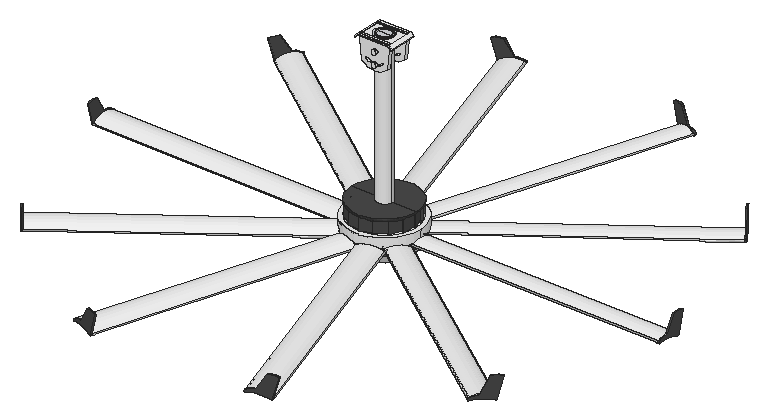
Revit family
Parameters
  Ceiling Mount Material = none
Reference planes (in)
  plane 1 "Center (Front/Back)": y = 71.89952
  plane 2: z = 0
  plane 3 "Center (Left/Right)": x = 0.53907
  plane 4: through (0.53977, 71.91109, -47.875) normal (-0.7071, 0.7071, 0)
  plane 5: through (0.53977, 71.91109, -47.875) normal (-0.7071, -0.7071, 0)
  plane 6: through (0.53977, 71.91109, -47.875) normal (0.7071, 0.7071, 0)
  plane 7: through (0.53977, 71.91109, -47.875) normal (0.7071, -0.7071, 0)
  plane 8: through (0.53977, 71.91109, -47.875) normal (-0.9239, 0.3827, 0)
  plane 9: through (0.53977, 71.91109, -47.875) normal (-0.9239, -0.3827, 0)
  plane 10: through (0.53977, 71.91109, -47.875) normal (0.9239, 0.3827, 0)
  plane 11: through (0.53977, 71.91109, -47.875) normal (0.9239, -0.3827, 0)
  plane 12: through (0.53977, 71.91109, -47.875) normal (-0.3827, 0.9239, 0)
  plane 13: through (0.53977, 71.91109, -47.875) normal (0.3827, 0.9239, 0)
  plane 14: through (0.53977, 71.91109, -47.875) normal (-0.3827, -0.9239, 0)
  plane 15: through (0.53977, 71.91109, -47.875) normal (0.3827, -0.9239, 0)
Forms (in)
  Revolve 1, solid, material <- "Ceiling Mount Material"
    sketch origin (0.53977, 71.91109, -96) x (1, 0, 0) y (0, 0, 1)
      loop
        line (0, 96) -> (-2.40625, 96) -> (-2.40625, 94.72313) -> (0, 93.60108) -> (0, 96)
      axis (0, 96) -> (0, 93.60108)
    angle from 0 to 360
  Extrusion 2, solid, material "Metal - Chrome"
    sketch origin (0.53977, 71.91109, -95.875) x (1, 0, 0) y (0, 1, 0)
      loop
        circle (0, 0) r 9.5
      loop
        circle (0, 0) r 8.5
    from 50.92047 to 53.3206
  Extrusion 3, solid, material "Metal - Chrome 3"
    sketch origin (0.53977, 71.91109, -95.875) x (1, 0, 0) y (0, 1, 0)
      loop
        circle (0, 0) r 7
      loop
        line (-8.21166, 0) -> (-7.00909, -2.90326) -> (-7.58658, -3.14246) -> (-5.36452, -5.36452) -> (-5.80652, -5.80652) -> (-2.90326, -7.00909) -> (-3.14246, -7.58658) -> (0, -7.58658) -> (0, -8.21166) -> (2.90326, -7.00909) -> (3.14246, -7.58658) -> (5.36452, -5.36452) -> (5.80652, -5.80652) -> (7.00909, -2.90326) -> (7.58658, -3.14246) -> (7.58658, 0) -> (8.21166, 0) -> (7.00909, 2.90326) -> (7.58658, 3.14246) -> (5.36452, 5.36452) -> (5.80652, 5.80652) -> (2.90326, 7.00909) -> (3.14246, 7.58658) -> (0, 7.58658) -> (0, 8.21166) -> (-2.90326, 7.00909) -> (-3.14246, 7.58658) -> (-5.36452, 5.36452) -> (-5.83363, 5.83363) -> (-7.00909, 2.90326) -> (-7.58658, 3.14246) -> (-7.58658, 0) -> (-8.21166, 0)
    from 53.3206 to 56.42047
  Revolve 4, solid, material "Metal - Chrome 1"
    sketch origin (0.53977, 71.91109, -95.875) x (1, 0, 0) y (0, 0, 1)
      loop
        arc (-9.5, 49.14541) -> (-5.43697, 45.34356) -> (-0.01159, 44.10761) r 10.65771
        line (-0.01159, 44.10761) -> (-0.01159, 49.14541) -> (-9.5, 49.14541)
      axis (0, 49.14541) -> (0, 44.10761)
    angle from 0 to 360
  Revolve 5, solid, material "Metal - Chrome 3"
    sketch origin (0.53977, 71.91109, -95.9375) x (1, 0, 0) y (0, 0, 1)
      loop
        line (-3.2881, 44.56611) -> (-3.2881, 44.37399) -> (-2.75325, 44.37399)
        arc (-2.75325, 44.37399) -> (-1.39585, 44.04374) -> (0, 43.98704) r 7.06499
        line (0, 43.98704) -> (0, 44.56611) -> (-3.2881, 44.56611)
      axis (0, 44.56611) -> (0, 43.98704)
    angle from 0 to 360
  Revolve 6, solid, material "Metal - Chrome 3"
    sketch origin (0.53977, 71.91109, -95.875) x (1, 0, 0) y (0, 0, 1)
      loop
        line (-8.0625, 56.47507) -> (0, 56.47507) -> (0, 57.12611) -> (-8.48529, 57.12611)
        arc (-8.48529, 57.12611) -> (-8.38748, 56.72683) -> (-8.0625, 56.47507) r 0.62391
      axis (0, 57.12611) -> (0, 56.47507)
    angle from 0 to 360
  Extrusion 7, solid, material "Metal - Chrome 2"
    sketch origin (0.53977, 71.91109, -96) x (1, 0, 0) y (0, 1, 0)
      loop
        circle (0, 0) r 2
      loop
        circle (0, 0) r 1.75
    from 53.3206 to 96
  Extrusion 8, solid, material "Metal - Chrome 2"
    sketch origin (0.53977, 71.91109, -96) x (1, 0, 0) y (0, 0, 1)
      loop
        line (-4.80927, 95.25058) -> (-4.63249, 95.0738) -> (-3.92538, 95.78091) -> (3.94629, 95.78091) -> (4.64295, 95.08425) -> (4.81972, 95.26103) -> (4.08075, 96) -> (-4.05984, 96) -> (-4.80927, 95.25058)
    from -3.60387 to 3.73167
  Extrusion 9, solid, material "Metal - Chrome 2"
    sketch origin (0.53977, 71.91109, -96) x (1, 0, 0) y (0, 0, 1)
      loop
        line (-3.97662, 96) -> (-3.97662, 94.75) -> (-3.37771, 89.87223)
        arc (-3.37771, 89.87223) -> (-0.00678, 88.52676) -> (3.36415, 89.87223) r 4.8955
        line (3.36415, 89.87223) -> (3.94303, 94.58682) -> (3.94303, 96) -> (-3.97662, 96)
      loop
        arc (-1.92245, 91.01505) -> (-2.32161, 90.98032) -> (-2.28376, 90.58144) r 0.28222
        arc (-2.28376, 90.58144) -> (0.0022, 89.65625) -> (2.28692, 90.58451) r 3.28125
        arc (2.28692, 90.58451) -> (2.31915, 90.9574) -> (1.95474, 91.04279) r 0.28596
        arc (1.95474, 91.04279) -> (0.02129, 90.31067) -> (-1.92245, 91.01505) r 2.97538
    from 2.4684 to 3.00597
  Extrusion 10, solid, material "Metal - Chrome 2"
    sketch origin (0.53977, 71.91109, -96) x (1, 0, 0) y (0, 0, 1)
      loop
        line (-3.97662, 96) -> (-3.97662, 94.75) -> (-3.37771, 89.87223)
        arc (-3.37771, 89.87223) -> (-0.00678, 88.52676) -> (3.36415, 89.87223) r 4.8955
        line (3.36415, 89.87223) -> (3.94303, 94.58682) -> (3.94303, 96) -> (-3.97662, 96)
      loop
        arc (-1.92245, 91.01505) -> (-2.32161, 90.98032) -> (-2.28376, 90.58144) r 0.28222
        arc (-2.28376, 90.58144) -> (0.0022, 89.65625) -> (2.28692, 90.58451) r 3.28125
        arc (2.28692, 90.58451) -> (2.31915, 90.9574) -> (1.95474, 91.04279) r 0.28596
        arc (1.95474, 91.04279) -> (0.02129, 90.31067) -> (-1.92245, 91.01505) r 2.97538
    from -2.96317 to -2.45815
  Extrusion 11, solid, material "Metal - Chrome 2"
    sketch origin (0.53977, 71.91109, -96) x (1, 0, 0) y (0, 0, 1)
      loop
        circle (0, 89.91168) r 0.60835
    from -3.36965 to -2.96317
  Extrusion 12, solid, material "Metal - Chrome 2"
    sketch origin (0.53977, 71.91109, -92.96875) x (1, 0, 0) y (0, 0, 1)
      loop
        circle (0, 89.91168) r 0.60835
    from -3.36965 to -2.96317
  Extrusion 13, solid, material "Metal - Chrome 2"
    sketch origin (0.53977, 71.91109, -92.96875) x (1, 0, 0) y (0, 0, 1)
      loop
        circle (0, 89.91168) r 0.60835
    from 3.00597 to 3.44198
  Extrusion 14, solid, material "Metal - Chrome 2"
    sketch origin (0.53977, 71.91109, -96) x (1, 0, 0) y (0, 0, 1)
      loop
        circle (0, 89.91168) r 0.60835
    from 3.00597 to 3.44198
  Extrusion 15, solid
    sketch origin (0.53977, 71.91109, -96) x (1, 0, 0) y (0, 0, 1)
      loop
        circle (0, 89.91168) r 0.25
    from -2.45815 to 2.4684
  Extrusion 16, solid
    sketch origin (0.53977, 71.91109, -92.96875) x (1, 0, 0) y (0, 0, 1)
      loop
        circle (0, 89.91168) r 0.25
    from -2.45815 to 2.4684
  Extrusion 17, solid, material "Metal - Chrome 2"
    sketch origin (-3.5879, 39.38229, -95.875) x (-0.007506, -0.999972, 0) y (0, 0, 1)
      loop
        arc (-29.27109, 49.75227) -> (-29.04889, 49.89467) -> (-29.10156, 50.15328) r 0.23339
        arc (-29.10156, 50.15328) -> (-31.98284, 51.54192) -> (-35.12337, 50.93595) r 5.08611
        arc (-35.12337, 50.93595) -> (-35.22188, 50.63788) -> (-34.93368, 50.51341) r 0.23249
        arc (-34.93368, 50.51341) -> (-32.0514, 50.51215) -> (-29.27109, 49.75227) r 10.85332
    from 3.88785 to 69.78589
  Extrusion 18, solid, material "Metal - Chrome 3"
    sketch origin (-3.10319, 72.13116, -95.875) x (0, -1, 0) y (0, 0, 1)
      loop
        arc (-0.58433, 51.5841) -> (-1.84289, 51.41328) -> (-3.01989, 50.93595) r 5.08611
        arc (-3.01989, 50.93595) -> (-3.1184, 50.63788) -> (-2.8302, 50.51341) r 0.23249
        arc (-2.8302, 50.51341) -> (0.05208, 50.51215) -> (2.83239, 49.75227) r 10.85332
        arc (2.83239, 49.75227) -> (3.03144, 49.85147) -> (3.02967, 50.07387) r 0.20994
        line (3.02967, 50.07387) -> (4.50284, 55.21142)
        arc (4.50284, 55.21142) -> (3.15266, 55.51968) -> (1.7679, 55.49887) r 5.79641
        line (1.7679, 55.49887) -> (-0.58433, 51.5841)
    from 70 to 70.35704
  Extrusion 19, solid, material "Metal - Chrome 2"
    sketch origin (-21.88585, 47.98043, -95.875) x (-0.592633, -0.805473, 0) y (0, 0, 1)
      loop
        arc (-29.27109, 49.75227) -> (-29.04889, 49.89467) -> (-29.10156, 50.15328) r 0.23339
        arc (-29.10156, 50.15328) -> (-31.98284, 51.54192) -> (-35.12337, 50.93595) r 5.08611
        arc (-35.12337, 50.93595) -> (-35.22188, 50.63788) -> (-34.93368, 50.51341) r 0.23249
        arc (-34.93368, 50.51341) -> (-32.0514, 50.51215) -> (-29.27109, 49.75227) r 10.85332
    from 3.88785 to 69.78589
  Extrusion 20, solid, material "Metal - Chrome 3"
    sketch origin (-2.28378, 74.21937, -95.875) x (-0.58657, -0.809898, 0) y (0, 0, 1)
      loop
        arc (-0.58433, 51.5841) -> (-1.84289, 51.41328) -> (-3.01989, 50.93595) r 5.08611
        arc (-3.01989, 50.93595) -> (-3.1184, 50.63788) -> (-2.8302, 50.51341) r 0.23249
        arc (-2.8302, 50.51341) -> (0.05208, 50.51215) -> (2.83239, 49.75227) r 10.85332
        arc (2.83239, 49.75227) -> (3.03144, 49.85147) -> (3.02967, 50.07387) r 0.20994
        line (3.02967, 50.07387) -> (4.50284, 55.21142)
        arc (4.50284, 55.21142) -> (3.15266, 55.51968) -> (1.7679, 55.49887) r 5.79641
        line (1.7679, 55.49887) -> (-0.58433, 51.5841)
    from 70 to 70.35704
  Extrusion 21, solid, material "Metal - Chrome 2"
    sketch origin (-31.66192, 65.67708, -95.875) x (-0.952439, -0.304731, 0) y (0, 0, 1)
      loop
        arc (-29.27109, 49.75227) -> (-29.04889, 49.89467) -> (-29.10156, 50.15328) r 0.23339
        arc (-29.10156, 50.15328) -> (-31.98284, 51.54192) -> (-35.12337, 50.93595) r 5.08611
        arc (-35.12337, 50.93595) -> (-35.22188, 50.63788) -> (-34.93368, 50.51341) r 0.23249
        arc (-34.93368, 50.51341) -> (-32.0514, 50.51215) -> (-29.27109, 49.75227) r 10.85332
    from 3.88785 to 69.78589
  Extrusion 22, solid, material "Metal - Chrome 3"
    sketch origin (-0.39525, 75.42998, -95.875) x (-0.950124, -0.311871, 0) y (0, 0, 1)
      loop
        arc (-0.58433, 51.5841) -> (-1.84289, 51.41328) -> (-3.01989, 50.93595) r 5.08611
        arc (-3.01989, 50.93595) -> (-3.1184, 50.63788) -> (-2.8302, 50.51341) r 0.23249
        arc (-2.8302, 50.51341) -> (0.05208, 50.51215) -> (2.83239, 49.75227) r 10.85332
        arc (2.83239, 49.75227) -> (3.03144, 49.85147) -> (3.02967, 50.07387) r 0.20994
        line (3.02967, 50.07387) -> (4.50284, 55.21142)
        arc (4.50284, 55.21142) -> (3.15266, 55.51968) -> (1.7679, 55.49887) r 5.79641
        line (1.7679, 55.49887) -> (-0.58433, 51.5841)
    from 70 to 70.35704
  Extrusion 23, solid, material "Metal - Chrome 2"
    sketch origin (-29.19921, 85.74392, -95.875) x (-0.950124, 0.311871, 0) y (0, 0, 1)
      loop
        arc (-29.27109, 49.75227) -> (-29.04889, 49.89467) -> (-29.10156, 50.15328) r 0.23339
        arc (-29.10156, 50.15328) -> (-31.98284, 51.54192) -> (-35.12337, 50.93595) r 5.08611
        arc (-35.12337, 50.93595) -> (-35.22188, 50.63788) -> (-34.93368, 50.51341) r 0.23249
        arc (-34.93368, 50.51341) -> (-32.0514, 50.51215) -> (-29.27109, 49.75227) r 10.85332
    from 3.88785 to 69.78589
  Extrusion 24, solid, material "Metal - Chrome 3"
    sketch origin (1.84436, 75.30269, -95.875) x (-0.952439, 0.304731, 0) y (0, 0, 1)
      loop
        arc (-0.58433, 51.5841) -> (-1.84289, 51.41328) -> (-3.01989, 50.93595) r 5.08611
        arc (-3.01989, 50.93595) -> (-3.1184, 50.63788) -> (-2.8302, 50.51341) r 0.23249
        arc (-2.8302, 50.51341) -> (0.05208, 50.51215) -> (2.83239, 49.75227) r 10.85332
        arc (2.83239, 49.75227) -> (3.03144, 49.85147) -> (3.02967, 50.07387) r 0.20994
        line (3.02967, 50.07387) -> (4.50284, 55.21142)
        arc (4.50284, 55.21142) -> (3.15266, 55.51968) -> (1.7679, 55.49887) r 5.79641
        line (1.7679, 55.49887) -> (-0.58433, 51.5841)
    from 70 to 70.35704
  Extrusion 25, solid, material "Metal - Chrome 2"
    sketch origin (-15.43406, 100.55148, -95.875) x (-0.58657, 0.809898, 0) y (0, 0, 1)
      loop
        arc (-29.27109, 49.75227) -> (-29.04889, 49.89467) -> (-29.10156, 50.15328) r 0.23339
        arc (-29.10156, 50.15328) -> (-31.98284, 51.54192) -> (-35.12337, 50.93595) r 5.08611
        arc (-35.12337, 50.93595) -> (-35.22188, 50.63788) -> (-34.93368, 50.51341) r 0.23249
        arc (-34.93368, 50.51341) -> (-32.0514, 50.51215) -> (-29.27109, 49.75227) r 10.85332
    from 3.88785 to 69.78589
  Extrusion 26, solid, material "Metal - Chrome 3"
    sketch origin (3.58356, 73.8859, -95.875) x (-0.592633, 0.805473, 0) y (0, 0, 1)
      loop
        arc (-0.58433, 51.5841) -> (-1.84289, 51.41328) -> (-3.01989, 50.93595) r 5.08611
        arc (-3.01989, 50.93595) -> (-3.1184, 50.63788) -> (-2.8302, 50.51341) r 0.23249
        arc (-2.8302, 50.51341) -> (0.05208, 50.51215) -> (2.83239, 49.75227) r 10.85332
        arc (2.83239, 49.75227) -> (3.03144, 49.85147) -> (3.02967, 50.07387) r 0.20994
        line (3.02967, 50.07387) -> (4.50284, 55.21142)
        arc (4.50284, 55.21142) -> (3.15266, 55.51968) -> (1.7679, 55.49887) r 5.79641
        line (1.7679, 55.49887) -> (-0.58433, 51.5841)
    from 70 to 70.35704
  Extrusion 27, solid, material "Metal - Chrome 2"
    sketch origin (4.39998, 104.46987, -95.875) x (0, 1, 0) y (0, 0, 1)
      loop
        arc (-29.27109, 49.75227) -> (-29.04889, 49.89467) -> (-29.10156, 50.15328) r 0.23339
        arc (-29.10156, 50.15328) -> (-31.98284, 51.54192) -> (-35.12337, 50.93595) r 5.08611
        arc (-35.12337, 50.93595) -> (-35.22188, 50.63788) -> (-34.93368, 50.51341) r 0.23249
        arc (-34.93368, 50.51341) -> (-32.0514, 50.51215) -> (-29.27109, 49.75227) r 10.85332
    from 3.88785 to 69.78589
  Extrusion 28, solid, material "Metal - Chrome 3"
    sketch origin (4.1611, 71.71829, -95.875) x (-0.007506, 0.999972, 0) y (0, 0, 1)
      loop
        arc (-0.58433, 51.5841) -> (-1.84289, 51.41328) -> (-3.01989, 50.93595) r 5.08611
        arc (-3.01989, 50.93595) -> (-3.1184, 50.63788) -> (-2.8302, 50.51341) r 0.23249
        arc (-2.8302, 50.51341) -> (0.05208, 50.51215) -> (2.83239, 49.75227) r 10.85332
        arc (2.83239, 49.75227) -> (3.03144, 49.85147) -> (3.02967, 50.07387) r 0.20994
        line (3.02967, 50.07387) -> (4.50284, 55.21142)
        arc (4.50284, 55.21142) -> (3.15266, 55.51968) -> (1.7679, 55.49887) r 5.79641
        line (1.7679, 55.49887) -> (-0.58433, 51.5841)
    from 70 to 70.35704
  Extrusion 29, solid, material "Metal - Chrome 2"
    sketch origin (22.76195, 96.00931, -95.875) x (0.58657, 0.809898, 0) y (0, 0, 1)
      loop
        arc (-29.27109, 49.75227) -> (-29.04889, 49.89467) -> (-29.10156, 50.15328) r 0.23339
        arc (-29.10156, 50.15328) -> (-31.98284, 51.54192) -> (-35.12337, 50.93595) r 5.08611
        arc (-35.12337, 50.93595) -> (-35.22188, 50.63788) -> (-34.93368, 50.51341) r 0.23249
        arc (-34.93368, 50.51341) -> (-32.0514, 50.51215) -> (-29.27109, 49.75227) r 10.85332
    from 3.88785 to 69.78589
  Extrusion 30, solid, material "Metal - Chrome 3"
    sketch origin (3.35738, 69.62398, -95.875) x (0.580475, 0.814278, 0) y (0, 0, 1)
      loop
        arc (-0.58433, 51.5841) -> (-1.84289, 51.41328) -> (-3.01989, 50.93595) r 5.08611
        arc (-3.01989, 50.93595) -> (-3.1184, 50.63788) -> (-2.8302, 50.51341) r 0.23249
        arc (-2.8302, 50.51341) -> (0.05208, 50.51215) -> (2.83239, 49.75227) r 10.85332
        arc (2.83239, 49.75227) -> (3.03144, 49.85147) -> (3.02967, 50.07387) r 0.20994
        line (3.02967, 50.07387) -> (4.50284, 55.21142)
        arc (4.50284, 55.21142) -> (3.15266, 55.51968) -> (1.7679, 55.49887) r 5.79641
        line (1.7679, 55.49887) -> (-0.58433, 51.5841)
    from 70 to 70.35704
  Extrusion 31, solid, material "Metal - Chrome 2"
    sketch origin (32.67057, 78.38654, -95.875) x (0.950124, 0.311871, 0) y (0, 0, 1)
      loop
        arc (-29.27109, 49.75227) -> (-29.04889, 49.89467) -> (-29.10156, 50.15328) r 0.23339
        arc (-29.10156, 50.15328) -> (-31.98284, 51.54192) -> (-35.12337, 50.93595) r 5.08611
        arc (-35.12337, 50.93595) -> (-35.22188, 50.63788) -> (-34.93368, 50.51341) r 0.23249
        arc (-34.93368, 50.51341) -> (-32.0514, 50.51215) -> (-29.27109, 49.75227) r 10.85332
    from 3.88785 to 69.78589
  Extrusion 32, solid, material "Metal - Chrome 3"
    sketch origin (1.47799, 68.39924, -95.875) x (0.947757, 0.318994, 0) y (0, 0, 1)
      loop
        arc (-0.58433, 51.5841) -> (-1.84289, 51.41328) -> (-3.01989, 50.93595) r 5.08611
        arc (-3.01989, 50.93595) -> (-3.1184, 50.63788) -> (-2.8302, 50.51341) r 0.23249
        arc (-2.8302, 50.51341) -> (0.05208, 50.51215) -> (2.83239, 49.75227) r 10.85332
        arc (2.83239, 49.75227) -> (3.03144, 49.85147) -> (3.02967, 50.07387) r 0.20994
        line (3.02967, 50.07387) -> (4.50284, 55.21142)
        arc (4.50284, 55.21142) -> (3.15266, 55.51968) -> (1.7679, 55.49887) r 5.79641
        line (1.7679, 55.49887) -> (-0.58433, 51.5841)
    from 70 to 70.35704
  Extrusion 33, solid, material "Metal - Chrome 2"
    sketch origin (30.35856, 58.30178, -95.875) x (0.952439, -0.304731, 0) y (0, 0, 1)
      loop
        arc (-29.27109, 49.75227) -> (-29.04889, 49.89467) -> (-29.10156, 50.15328) r 0.23339
        arc (-29.10156, 50.15328) -> (-31.98284, 51.54192) -> (-35.12337, 50.93595) r 5.08611
        arc (-35.12337, 50.93595) -> (-35.22188, 50.63788) -> (-34.93368, 50.51341) r 0.23249
        arc (-34.93368, 50.51341) -> (-32.0514, 50.51215) -> (-29.27109, 49.75227) r 10.85332
    from 3.88785 to 69.78589
  Extrusion 34, solid, material "Metal - Chrome 3"
    sketch origin (-0.76252, 68.50971, -95.875) x (0.954699, -0.297573, 0) y (0, 0, 1)
      loop
        arc (-0.58433, 51.5841) -> (-1.84289, 51.41328) -> (-3.01989, 50.93595) r 5.08611
        arc (-3.01989, 50.93595) -> (-3.1184, 50.63788) -> (-2.8302, 50.51341) r 0.23249
        arc (-2.8302, 50.51341) -> (0.05208, 50.51215) -> (2.83239, 49.75227) r 10.85332
        arc (2.83239, 49.75227) -> (3.03144, 49.85147) -> (3.02967, 50.07387) r 0.20994
        line (3.02967, 50.07387) -> (4.50284, 55.21142)
        arc (4.50284, 55.21142) -> (3.15266, 55.51968) -> (1.7679, 55.49887) r 5.79641
        line (1.7679, 55.49887) -> (-0.58433, 51.5841)
    from 70 to 70.35704
  Extrusion 35, solid, material "Metal - Chrome 2"
    sketch origin (16.70494, 43.39132, -95.875) x (0.592633, -0.805473, 0) y (0, 0, 1)
      loop
        arc (-29.27109, 49.75227) -> (-29.04889, 49.89467) -> (-29.10156, 50.15328) r 0.23339
        arc (-29.10156, 50.15328) -> (-31.98284, 51.54192) -> (-35.12337, 50.93595) r 5.08611
        arc (-35.12337, 50.93595) -> (-35.22188, 50.63788) -> (-34.93368, 50.51341) r 0.23249
        arc (-34.93368, 50.51341) -> (-32.0514, 50.51215) -> (-29.27109, 49.75227) r 10.85332
    from 3.88785 to 69.78589
  Extrusion 36, solid, material "Metal - Chrome 3"
    sketch origin (-2.5123, 69.9134, -95.875) x (0.598662, -0.801002, 0) y (0, 0, 1)
      loop
        arc (-0.58433, 51.5841) -> (-1.84289, 51.41328) -> (-3.01989, 50.93595) r 5.08611
        arc (-3.01989, 50.93595) -> (-3.1184, 50.63788) -> (-2.8302, 50.51341) r 0.23249
        arc (-2.8302, 50.51341) -> (0.05208, 50.51215) -> (2.83239, 49.75227) r 10.85332
        arc (2.83239, 49.75227) -> (3.03144, 49.85147) -> (3.02967, 50.07387) r 0.20994
        line (3.02967, 50.07387) -> (4.50284, 55.21142)
        arc (4.50284, 55.21142) -> (3.15266, 55.51968) -> (1.7679, 55.49887) r 5.79641
        line (1.7679, 55.49887) -> (-0.58433, 51.5841)
    from 70 to 70.35704
  Extrusion 37, solid, material "Metal - Chrome 3"
    sketch origin (0.53977, 71.91109, -97.625) x (1, 0, 0) y (0, 1, 0)
      loop
        circle (0, 0) r 9.5
      loop
        circle (0, 0) r 8.5
    from 50.89541 to 52.67047
  Extrusion 38, solid, material "Metal - Chrome 2", not visible
    sketch origin (-3.5879, 39.38229, -43.92454) x (-0.007506, -0.999972, 0) y (0, 0, 1)
      loop
        arc (-29.27109, 49.75227) -> (-29.04889, 49.89467) -> (-29.10156, 50.15328) r 0.23339
        arc (-29.10156, 50.15328) -> (-31.98284, 51.54192) -> (-35.12337, 50.93595) r 5.08611
        arc (-35.12337, 50.93595) -> (-35.22188, 50.63788) -> (-34.93368, 50.51341) r 0.23249
        arc (-34.93368, 50.51341) -> (-32.0514, 50.51215) -> (-29.27109, 49.75227) r 10.85332
    from 3.88785 to 69.78589
  Extrusion 39, solid, material "Metal - Chrome 3", not visible
    sketch origin (-3.10319, 72.13116, -43.92454) x (0, -1, 0) y (0, 0, 1)
      loop
        arc (-0.58433, 51.5841) -> (-1.84289, 51.41328) -> (-3.01989, 50.93595) r 5.08611
        arc (-3.01989, 50.93595) -> (-3.1184, 50.63788) -> (-2.8302, 50.51341) r 0.23249
        arc (-2.8302, 50.51341) -> (0.05208, 50.51215) -> (2.83239, 49.75227) r 10.85332
        arc (2.83239, 49.75227) -> (3.03144, 49.85147) -> (3.02967, 50.07387) r 0.20994
        line (3.02967, 50.07387) -> (4.50284, 55.21142)
        arc (4.50284, 55.21142) -> (3.15266, 55.51968) -> (1.7679, 55.49887) r 5.79641
        line (1.7679, 55.49887) -> (-0.58433, 51.5841)
    from 70 to 70.35704
Dimensions and locks (in)
  aligned and locked: plane 2 to level
Connectors (in)
  electrical at (0.55022, 71.84719, 0)
    settings: on Extrusion 8, index 1, voltage 0 V, apparent load 0 VA, apparent load phase1 0 VA, apparent load phase2 0 VA, apparent load phase3 0 VA, power factor 1, load classification "Other", number of poles 1, system type 31, power factor state 1, is connector primary yes, connector utility no, sub classification motor no, connector description ""
